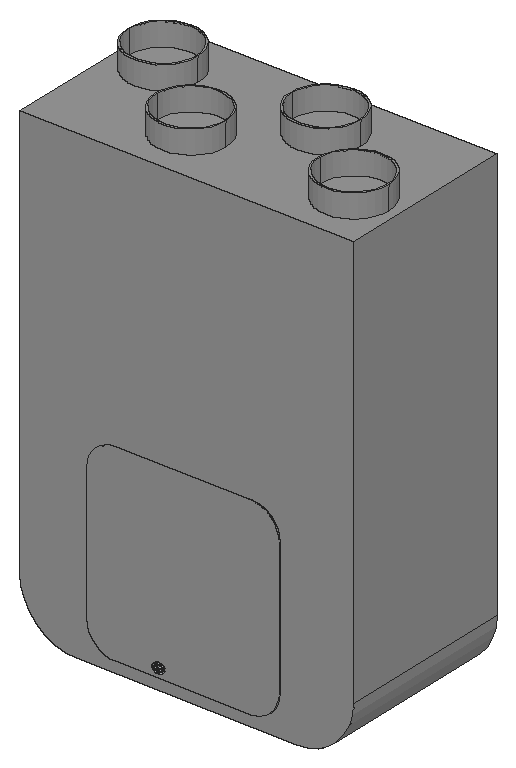
Revit family "VUT_VUE 270 V5B_Eng", category Mechanical Equipment, Revit 2021
Family settings
  Round Connector Dimension = Use Diameter
  Classification = None
  Part Type = Normal
  Work Plane-Based = No
  Always vertical = Yes
  Cut with Voids When Loaded = No
  Shared = No
  Room Calculation Point = No
Parameters (values of type "VUE 270 V5B EC A21")
  Default Elevation = 0 mm
  Manufacturer = "Vents"  # constant formula
  Width = 316 mm
  Weight = 13.50 kg
  Voltage = 230 V
  URL = "https://ventilation-system.com/uploads/download/v170_1en_a4_07_preview4.pdf"
  Sound pressure level at 3 m distance = "34 dBA"
  Pressure_Static_Air [instance] = 0.0 m³/h
  Power = 162 W
  Number of Fase = 1
  Maximum Air Flow = 300.0 m³/h
  Maintenance zone material = none
  Load Classification = "HVAC"
  Length = 590 mm
  Height = 893 mm
  Filter = "G4"
  Diameter = 125 mm
  Casing Material = Polypropylene (black)
  Amperage = 1.2 A
  Air Flow [instance] = 0.0 m³/h
  09_System_Name [instance] = ""
  00_20_Type = "VUE 270 V5B EC A21"
  00_20_Name = "Heat recovery air handling unit"  # constant formula
  00_20_Manufacturer = "Vents"  # constant formula
Types (3, lengths in mm): name | Weight | 00_20_Type
  (no name) | 13.50 kg | "VUE 270 V5B EC A21"
  VUT 270 V5B EC A21 | 13.00 kg | "VUT 270 V5B EC A21"
  VUE 270 V5B EC A21 | 13.50 kg | "VUE 270 V5B EC A21"
Reference planes
  plane 1 "По центру (Вперед/Назад)": y = 0
  plane 2: z = 0
  plane 3 "По центру (Влево/Вправо)": x = 0
Forms (mm)
  Extrusion 1, solid, material "Polypropylene (black)"
    sketch origin (0, 0, 0) x (1, 0, 0) y (0, 0, 1)
      loop
        line (-195, 20) -> (195, 20)
        arc (195, 20) -> (265.711, 49.289) -> (295, 120) r 100
        line (295, 120) -> (295, 852) -> (-295, 852) -> (-295, 120)
        arc (-295, 120) -> (-265.711, 49.289) -> (-195, 20) r 100
    from 0 to 316
  Extrusion 2, solid, material "Сталь, гальванизированная"
    sketch origin (50, 0, 0) x (1, 0, 0) y (0, 1, 0)
      loop
        circle (-245, -50) r 13
      loop
        circle (-245, -266) r 13
      loop
        circle (145, -50) r 13
      loop
        circle (145, -266) r 13
    from 0 to 20
  Extrusion 3, solid, material "Сталь, гальванизированная"
    sketch origin (0, 0, 0) x (1, 0, 0) y (0, 1, 0)
      loop
        circle (-216, -99) r 62.5
      loop
        circle (72, -99) r 62.5
      loop
        circle (-72, -217) r 62.5
      loop
        circle (216, -217) r 62.5
      loop
        circle (-216, -99) r 60
      loop
        circle (-72, -217) r 60
      loop
        circle (72, -99) r 60
      loop
        circle (216, -217) r 60
    from 852 to 893
  Extrusion 4, solid, material "Полипропилен(светлый, синий)"
    sketch origin (0, 0, 0) x (1, 0, 0) y (0, 0, 1)
      loop
        line (-125.608, 40) -> (114.392, 40)
        arc (114.392, 40) -> (149.747, 54.645) -> (164.392, 90) r 50
        line (164.392, 90) -> (164.392, 330)
        arc (164.392, 330) -> (149.747, 365.355) -> (114.392, 380) r 50
        line (114.392, 380) -> (-125.608, 380)
        arc (-125.608, 380) -> (-160.964, 365.355) -> (-175.608, 330) r 50
        line (-175.608, 330) -> (-175.608, 90)
        arc (-175.608, 90) -> (-160.964, 54.645) -> (-125.608, 40) r 50
    from 316 to 317
  Extrusion 5, solid, material "Сталь, гальванизированная"
    sketch origin (0, 0, 0) x (1, 0, 0) y (0, 1, 0)
      loop
        circle (130, -154.637) r 15
    from 0 to 20
Dimensions and locks
  Extrusion 3 sketch curve to Extrusion 3 sketch curve = 288 mm
  "Length": Extrusion 1 to Extrusion 1
  "Width": Extrusion 1 to plane 1 "По центру (Вперед/Назад)"
  "Height": Extrusion 3 to level
  aligned and locked: level to plane 2
Automatic sketch dimensions
  Extrusion 1 sketch curve to plane 3 "По центру (Влево/Вправо)" = 295 mm
  Extrusion 1 sketch curve to Extrusion 1 sketch curve = 100 mm
  level to Extrusion 1 sketch curve = 20 mm
  plane 3 "По центру (Влево/Вправо)" to Extrusion 1 sketch curve = 195 mm
  plane 3 "По центру (Влево/Вправо)" to Extrusion 1 sketch curve = 295 mm
  Extrusion 1 sketch curve to Extrusion 1 sketch curve = 732 mm
  Extrusion 2 sketch curve to plane 3 "По центру (Влево/Вправо)" = 195 mm  (x2)
  plane 1 "По центру (Вперед/Назад)" to Extrusion 2 sketch curve = 50 mm  (x2)
  plane 3 "По центру (Влево/Вправо)" to Extrusion 2 sketch curve = 195 mm  (x2)
  Extrusion 2 sketch curve to Extrusion 2 sketch curve = 216 mm  (x2)
  Extrusion 3 sketch curve to Extrusion 3 sketch curve = 0 mm  (x8)
  plane 1 "По центру (Вперед/Назад)" to Extrusion 3 sketch curve = 99 mm  (x2)
  Extrusion 3 sketch curve to plane 3 "По центру (Влево/Вправо)" = 216 mm
  Extrusion 3 sketch curve to plane 3 "По центру (Влево/Вправо)" = 72 mm
  Extrusion 3 sketch curve to Extrusion 3 sketch curve = 144 mm
  plane 1 "По центру (Вперед/Назад)" to Extrusion 3 sketch curve = 217 mm
  Extrusion 3 sketch curve to Extrusion 3 sketch curve = 118 mm
  Extrusion 4 sketch curve to plane 3 "По центру (Влево/Вправо)" = 175.608 mm
  Extrusion 4 sketch curve to Extrusion 4 sketch curve = 50 mm  (x3)
  level to Extrusion 4 sketch curve = 40 mm
  plane 3 "По центру (Влево/Вправо)" to Extrusion 4 sketch curve = 114.392 mm  (x2)
  Extrusion 4 sketch curve to Extrusion 4 sketch curve = 240 mm
  plane 3 "По центру (Влево/Вправо)" to Extrusion 5 sketch curve = 130 mm
  plane 1 "По центру (Вперед/Назад)" to Extrusion 5 sketch curve = 154.637 mm
  radius of Extrusion 2 sketch curve = 13 mm  (x4)
  radius of Extrusion 3 sketch curve = 62.5 mm  (x4)
  radius of Extrusion 3 sketch curve = 60 mm  (x4)
  radius of Extrusion 5 sketch curve = 15 mm
Nested families
  nested 1: "Sticker_VENTS" at (140, -317, 47.879), type "VENTS"
Connectors
  piping at (130, -154.637, 0), diameter 30
    settings: on Extrusion 5, index 1, connector inside diameter 609.6 mm, connector length 0 mm, flow factor 0, pipe flow 0.0 L/s, pressure drop 0.0 Pa, fitting loss kfactor 0, connector angle 0.00°, fixture units 0, engagement length 0 mm, angle of deflection 0.00°, flow configuration 0, flow direction 2, fitting loss method 0, system type 16, joint type 0, gender type 0, connector reference index -1, connector utility 0, adjustable connector no, is connector primary yes, connector description ""
  hvac at (-216, -99, 893), driven by "Diameter"
    settings: on Extrusion 3, index 2, duct flow 0.0 m³/h, flow factor 0, pres drop 0.0 Pa, loss coef 0, conn angle 0.00°, conn width 304.8 mm, conn height 304.8 mm, conn diameter 125 mm, duct sys type 3, conn prof type 0, flow config 0, flow direction 2, loss method 0, conn ref index -1, conn util no, is conn primary yes, conn desc ""
  hvac at (72, -99, 893)
    settings: on Extrusion 3, index 3, duct flow 0.0 m³/h, flow factor 0, pres drop 0.0 Pa, loss coef 0, conn angle 0.00°, conn width 304.8 mm, conn height 304.8 mm, conn diameter 125 mm, duct sys type 3, conn prof type 0, flow config 0, flow direction 1, loss method 0, conn ref index -1, conn util no, is conn primary no, conn desc ""
  hvac at (-72, -217, 893)
    settings: on Extrusion 3, index 4, duct flow 0.0 m³/h, flow factor 0, pres drop 0.0 Pa, loss coef 0, conn angle 0.00°, conn width 304.8 mm, conn height 304.8 mm, conn diameter 125 mm, duct sys type 1, conn prof type 0, flow config 0, flow direction 1, loss method 0, conn ref index -1, conn util no, is conn primary no, conn desc ""
  hvac at (216, -217, 893)
    settings: on Extrusion 3, index 5, duct flow 0.0 m³/h, flow factor 0, pres drop 0.0 Pa, loss coef 0, conn angle 0.00°, conn width 304.8 mm, conn height 304.8 mm, conn diameter 125 mm, duct sys type 1, conn prof type 0, flow config 0, flow direction 2, loss method 0, conn ref index -1, conn util no, is conn primary no, conn desc ""
Definition of nested family "Sticker_VENTS"
  Parameters (values of type "VENTS")
    Default Elevation = 0 mm
  Reference planes
    plane 1 "По центру (Вперед/Назад)": y = 0
    plane 2: z = 0
    plane 3 "По центру (Влево/Вправо)": x = 0
  Forms (mm)
    Extrusion 1, solid
      sketch origin (69.42, 0, -23.583) x (1, 0, 0) y (0, 0, 1)
        loop
          arc (-267.539, 33.869) -> (-258.489, 39.326) -> (-249.439, 33.869) r 10.233
          line (-249.439, 33.869) -> (-247.746, 34.306)
          arc (-247.746, 34.306) -> (-258.376, 40.748) -> (-268.964, 34.236) r 11.927
          line (-268.964, 34.236) -> (-267.539, 33.869)
      from 0 to 1
    Extrusion 2, solid
      sketch origin (96.39, 0, -23.039) x (1, 0, 0) y (0, 0, 1)
        loop
          line (-285.65, 33.184) -> (-283.303, 37.598) -> (-285.957, 38.246) -> (-286.607, 34.877) -> (-285.65, 33.184)
      from 0 to 1
    Extrusion 3, solid
      sketch origin (-35.799, 0, -234.32) x (0.62349, 0, -0.781831) y (0.781831, 0, 0.62349)
        loop
          line (-285.65, 33.184) -> (-283.303, 37.598) -> (-285.957, 38.246) -> (-286.607, 34.877) -> (-285.65, 33.184)
      from 0 to 1
    Extrusion 4, solid
      sketch origin (13.623, 0, 212.042) x (0.62349, 0, 0.781831) y (-0.781831, 0, 0.62349)
        loop
          line (-285.65, 33.184) -> (-283.303, 37.598) -> (-285.957, 38.246) -> (-286.607, 34.877) -> (-285.65, 33.184)
      from 0 to 1
    Extrusion 5, solid
      sketch origin (-221.776, 0, 293.902) x (-0.222521, 0, 0.974928) y (-0.974928, 0, -0.222521)
        loop
          line (-285.65, 33.184) -> (-283.303, 37.598) -> (-285.957, 38.246) -> (-286.607, 34.877) -> (-285.65, 33.184)
      from 0 to 1
    Extrusion 6, solid
      sketch origin (-432.545, 0, 160.9) x (-0.900969, 0, 0.433884) y (-0.433884, 0, -0.900969)
        loop
          line (-285.65, 33.184) -> (-283.303, 37.598) -> (-285.957, 38.246) -> (-286.607, 34.877) -> (-285.65, 33.184)
      from 0 to 1
    Extrusion 7, solid
      sketch origin (-459.973, 0, -86.812) x (-0.900969, 0, -0.433884) y (0.433884, 0, -0.900969)
        loop
          line (-285.65, 33.184) -> (-283.303, 37.598) -> (-285.957, 38.246) -> (-286.607, 34.877) -> (-285.65, 33.184)
      from 0 to 1
    Extrusion 8, solid, not visible
      sketch origin (60, 0, 0) x (1, 0, 0) y (0, 0, 1)
        loop
          line (-285.65, 33.184) -> (-283.303, 37.598) -> (-285.957, 38.246) -> (-286.607, 34.877) -> (-285.65, 33.184)
      from 0 to 1
    Extrusion 9, solid, not visible
      sketch origin (60, 0, 0) x (1, 0, 0) y (0, 0, 1)
        loop
          arc (-321.861, 33.869) -> (-285.65, 55.704) -> (-249.439, 33.869) r 40.943
          line (-249.439, 33.869) -> (-242.665, 35.617)
          arc (-242.665, 35.617) -> (-285.198, 61.395) -> (-327.561, 35.34) r 47.721
          line (-327.561, 35.34) -> (-321.861, 33.869)
      from 0 to 2
    Extrusion 10, solid, not visible
      sketch origin (60, 0, 61.488) x (1, 0, 0) y (0, 0, 1)
        loop
          line (-321.861, -33.869) -> (-327.561, -35.34)
          arc (-327.561, -35.34) -> (-285.198, -61.395) -> (-242.665, -35.617) r 47.721
          line (-242.665, -35.617) -> (-249.439, -33.869)
          arc (-249.439, -33.869) -> (-285.65, -55.704) -> (-321.861, -33.869) r 40.943
      from 0 to 2
    Extrusion 11, solid, not visible
      sketch origin (60, 0, 0) x (1, 0, 0) y (0, 0, 1)
        loop
          line (-285.65, 33.184) -> (-283.303, 37.598) -> (-285.957, 38.246) -> (-286.607, 34.877) -> (-285.65, 33.184)
      from 0 to 1
    Extrusion 12, solid, not visible
      sketch origin (-109.45, 0, -232.008) x (0.5, 0, -0.866025) y (0.866025, 0, 0.5)
        loop
          line (-285.65, 33.184) -> (-283.303, 37.598) -> (-285.957, 38.246) -> (-286.607, 34.877) -> (-285.65, 33.184)
      from 0 to 1
    Extrusion 13, solid, not visible
      sketch origin (-56.2, 0, 262.752) x (0.5, 0, 0.866025) y (-0.866025, 0, 0.5)
        loop
          line (-285.65, 33.184) -> (-283.303, 37.598) -> (-285.957, 38.246) -> (-286.607, 34.877) -> (-285.65, 33.184)
      from 0 to 1
    Extrusion 14, solid, not visible
      sketch origin (-341.85, 0, 293.496) x (-0.5, 0, 0.866025) y (-0.866025, 0, -0.5)
        loop
          line (-285.65, 33.184) -> (-283.303, 37.598) -> (-285.957, 38.246) -> (-286.607, 34.877) -> (-285.65, 33.184)
      from 0 to 1
    Extrusion 15, solid, not visible
      sketch origin (-511.3, 0, 61.488) x (-1, 0, 0) y (0, 0, -1)
        loop
          line (-285.65, 33.184) -> (-283.303, 37.598) -> (-285.957, 38.246) -> (-286.607, 34.877) -> (-285.65, 33.184)
      from 0 to 1
    Extrusion 16, solid, not visible
      sketch origin (-395.1, 0, -201.265) x (-0.5, 0, -0.866025) y (0.866025, 0, -0.5)
        loop
          line (-285.65, 33.184) -> (-283.303, 37.598) -> (-285.957, 38.246) -> (-286.607, 34.877) -> (-285.65, 33.184)
      from 0 to 1
    Extrusion 17, solid
      sketch origin (69.42, 0, 40.717) x (1, 0, 0) y (0, 0, 1)
        loop
          line (-267.539, -33.869) -> (-268.964, -34.236)
          arc (-268.964, -34.236) -> (-258.376, -40.748) -> (-247.746, -34.306) r 11.927
          line (-247.746, -34.306) -> (-249.439, -33.869)
          arc (-249.439, -33.869) -> (-258.489, -39.326) -> (-267.539, -33.869) r 10.233
      from 0 to 1
    Extrusion 18, solid
      sketch origin (-283.404, 0, -262.702) x (-0.222521, 0, -0.974928) y (0.974928, 0, -0.222521)
        loop
          line (-285.65, 33.184) -> (-283.303, 37.598) -> (-285.957, 38.246) -> (-286.607, 34.877) -> (-285.65, 33.184)
      from 0 to 1
  Dimensions and locks
    aligned and locked: level to plane 2
